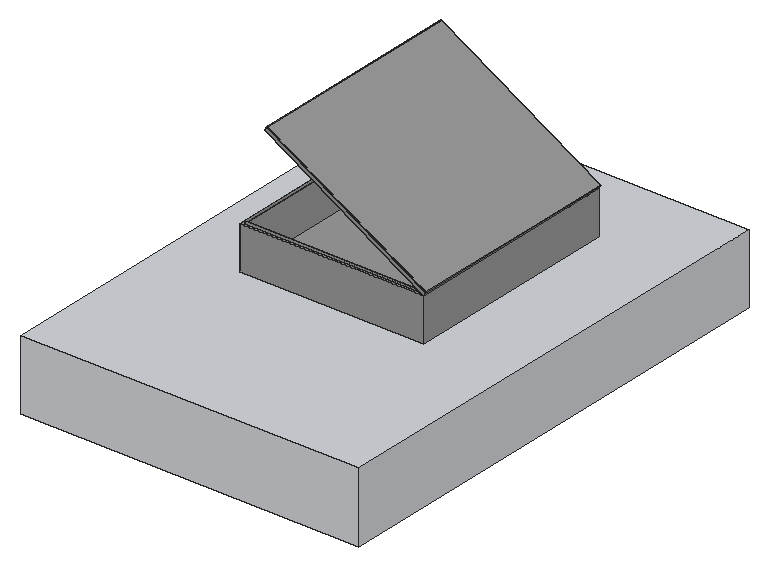
Revit family "Hager-Univers-IP54-D205-H950-Cl.II-Encl-CH-de", category Equipement électrique, Revit 2020
Family settings
  Hôte = Face
  Configuration du panneau = Deux colonnes, circuits au sein
  Cote de connecteur circulaire = Utiliser le diamètre
  Type d'élément = Tableau de raccordement
  Couper avec des vides une fois chargée = Non
  Partagée = Non
  Point de calcul de pièce = Non
Parameters (values of type "Aufputz IP54 B800 H950 T205  - FP63QSW")
  Width Control [instance] = if([EF000008 - Breite] > Min Width, [EF000008 - Breite], Min Width)  # 800 mm
  Commentaires du type = [HG000003 - Bereich]  # "Univers"
  Thickness Door [instance] = if([EF009171 - Materialstärke Tür/Deckel] > 3 mm, 3 mm, [EF009171 - Materialstärke Tür/Deckel])  # 1 mm
  Seal Frame Offset [instance] = 17 mm  # constant formula
  Plinth Visibility [instance] = [HG000027 - Sockelhöhe] > 0 mm  # no
  Model = ""
  Min Width [instance] = 100 mm  # constant formula
  Min Height [instance] = 100 mm  # constant formula
  Min Depth [instance] = (2 * [EF009170 - Materialstärke Gehäuse]) + 1 mm  # 3 mm
  Internal Frame Depth [instance] = (Door System Depth * 0.5)  # 9 mm
  Height Control [instance] = if([EF000040 - Höhe] > Min Height, [EF000040 - Höhe], Min Height)  # 950 mm
  HG000027 - Sockelhöhe = 0 mm
  HG000026 - Stehend auf dem Boden = no
  HG000024 - Höhe des unteren Teils = 800 mm
  HG000023 - Gehäuse mit doppeltem Querschnitt = no
  HG000016 - 3D-Türsichtbarkeit [instance] = yes
  HG000015 - Sichtbarkeit der Türöffnung [instance] = no
  HG000014 - Tür rechts [instance] = yes
  HG000013 - Tür links [instance] = not([HG000014 - Tür rechts])  # no
  HG000012 - Türschwenkwinkel [instance] = 30.00°
  HG000010 - Asymmetrische Türen = no
  HG000009 - Doppelflügeligen Tür = no
  HG000006 - Unterputz = no
  HG000004 - Herstellerreferenz = "FP63QSW"
  HG000003 - Bereich = "Univers"
  HG000002 - Mit tür = yes
  Frame Offset Bottom [instance] = 10 mm  # constant formula
  Frame Offset [instance] = 15 mm  # constant formula
  EF015940 - Deckel mit Überdruckentlastung = no
  EF011959 - Schutzart (NEMA) = ""
  EF009554 - Anzahl der Öffnungen für Flanschplatten = 6
  Fabricant = "Hager"  # constant formula
  EF009212 - Ausführung Deckel = "EV000116 - geschlossen"
  EF009171 - Materialstärke Tür/Deckel = 1 mm
  EF009170 - Materialstärke Gehäuse = 1 mm
  EF008873 - Nennstrom (In) = 250 A
  EF007800 - Geeignet für Blitzschutz = no
  EF006306 - Mit Schloss = no
  EF006244 - Transparenter Deckel/Tür = no
  EF005474 - Schutzart (IP) = "EV006419 - IP54"
  EF004464 - Art der Tür = "EV002646 - Einzel"
  EF004427 - Anzahl der Module = 216
  EF004293 - Schlagfestigkeit = "EV006815 - IK09"
  EF003532 - Geeignet für Außengebrauch = no
  EF002950 - Breite in Teilungseinheiten = 36
  EF001613 - Funktionserhalt = "EV000494 - ohne"
  EF001596 - Werkstoff des Gehäuses = "EV000179 - Stahl"
  EF001131 - Innentiefe = 143 mm
  EF001088 - Anbaumöglichkeit = yes
  EF000437 - Anzahl der Leitungseinführungen = 6
  EF000339 - Art der Abdeckung = "EV001012 - Deckel"
  EF000266 - Anzahl der Reihen = 6
  EF000218 - Einbautiefe = 0 mm
  EF000118 - Mit Montageplatte = no
  EF000116 - RAL-Nummer = "9010"
  EF000049 - Tiefe = 205 mm
  EF000040 - Höhe = 950 mm
  EF000008 - Breite = 800 mm
  EF000007 - Farbe = "EV000202 - weiß"
  EF000003 - Montageart = "EV000384 - Aufputz"
  Door System Leaf Tolerance [instance] = 1.5 mm  # constant formula
  Door System Depth [instance] = 18 mm  # constant formula
  Door Height [instance] = Height Control - [HG000027 - Sockelhöhe]  # 950 mm
  Depth Control [instance] = if([EF000049 - Tiefe] > Min Depth, [EF000049 - Tiefe], Min Depth)  # 205 mm
  Default Elevation = 0 mm
  Connector Offset [instance] = Height Control / 2  # 475 mm
  Bottom Top Plate Trim [instance] = 1.5 mm  # constant formula
  Plinth height Ctrl [instance] = if([HG000027 - Sockelhöhe] > 0 mm, [HG000027 - Sockelhöhe], 12 mm)  # 12 mm
Types (5, lengths in mm): name | Width Control | HG000010 - Asymmetrische Türen | HG000009 - Doppelflügeligen Tür | HG000004 - Herstellerreferenz | EF009554 - Anzahl der Öffnungen für Flanschplatten | EF004464 - Art der Tür | EF004427 - Anzahl der Module | EF002950 - Breite in Teilungseinheiten | EF001131 - Innentiefe | EF000437 - Anzahl der Leitungseinführungen | EF000339 - Art der Abdeckung | EF000008 - Breite
  Aufputz IP54 B1050 H950 T205  - FP64QSW | 1050 | no | no | "FP64QSW" | 8 | "EV003602 - Doppel" | 288 | 48 | 143 | 8 | "EV001012 - Deckel" | 1050
  Aufputz IP54 B1300 H950 T205  - FP65QSW | 1300 | yes | yes | "FP65QSW" | 10 | "EV003602 - Doppel" | 360 | 60 | 130 | 10 | "EV004216 - Tür" | 1300
  Aufputz IP54 B300 H950 T205  - FP61QSW | 300 | no | no | "FP61QSW" | 2 | "EV002646 - Einzel" | 72 | 12 | 130 | 2 | "EV004216 - Tür" | 300
  Aufputz IP54 B550 H950 T205  - FP62QSW | 550 | no | no | "FP62QSW" | 4 | "EV002646 - Einzel" | 144 | 24 | 130 | 4 | "EV001012 - Deckel" | 550
  Aufputz IP54 B800 H950 T205  - FP63QSW | 800 | no | no | "FP63QSW" | 6 | "EV002646 - Einzel" | 216 | 36 | 143 | 6 | "EV001012 - Deckel" | 800
Reference planes
  plane 1 "Center (Front/Back)": y = 0
  plane 2: z = 0
  plane 3 "Center (Left/Right)": x = 0
  plane 4: z = 205
  plane 5: y = 1
  plane 6: y = 475
  plane 7: y = 0
  plane 8: y = 950
  plane 9: z = 0
  plane 10: x = -385
  plane 11: x = 385
  plane 12: x = 384
  plane 13: x = -384
  plane 14: y = 949
  plane 15: x = -383
  plane 16: x = -400
  plane 17: x = 383
  plane 18: x = 400
  plane 19: x = 399
  plane 20: x = -399
  plane 21: y = 11
  plane 22: y = 950
  plane 23: y = 934
  plane 24: z = 187
  plane 25: z = 1
  plane 26: z = 186
  plane 27: z = 204
Forms (mm)
  Extrusion 1, solid
    sketch origin (0, 0, 0) x (1, 0, 0) y (0, 1, 0)
      loop
        line (-702.964, 1305) -> (-702.964, -811.445) -> (766.763, -811.445) -> (766.763, 1305) -> (-702.964, 1305)
    from 0 to -304.8
  Extrusion 2, solid, material "Hager_Steel_RAL7035_Light_Grey", visible <- "Plinth Visibility", detail levels medium+fine
    sketch origin (0, 0, 0) x (1, 0, 0) y (0, 1, 0)
      loop
        line (-400, 0) -> (400, 0) -> (400, 12) -> (-400, 12) -> (-400, 0)
    from 0 to 187
  Extrusion 3, solid, material "Hager_Steel_RAL7035_Light_Grey", detail levels medium+fine
    sketch origin (0, 0, 0) x (1, 0, 0) y (0, 1, 0)
      loop
        line (-400, 0) -> (400, 0) -> (400, 950) -> (-400, 950) -> (-400, 0)
    from 0 to 187
  Extrusion 4, void
    sketch origin (0, 0, 0) x (1, 0, 0) y (0, 1, 0)
      loop
        line (-399, 1) -> (399, 1) -> (399, 949) -> (-399, 949) -> (-399, 1)
    from 1 to 186
  Extrusion 5, void
    sketch origin (-381.607, -4572, 187) x (0, -1, 0) y (-1, 0, 0)
      loop
        line (-4583, 2.393) -> (-5506, 2.393) -> (-5506, -765.607) -> (-4583, -765.607) -> (-4583, 2.393)
    from 0 to 1 <- "EF009170 - Materialstärke Gehäuse"
  Extrusion 6, solid, material "Hager_Steel_RAL7035_Light_Grey", detail levels fine
    sketch origin (0, 0, 187) x (1, 0, 0) y (0, 1, 0)
      loop
        line (-384, 934) -> (-384, 11) -> (384, 11) -> (384, 934) -> (-384, 934)
      loop
        line (-385, 10) -> (385, 10) -> (385, 935) -> (-385, 935) -> (-385, 10)
    from 0 to 9 <- "Internal Frame Depth"
  Extrusion 7, solid, material "Hager_Steel_RAL7035_Light_Grey", detail levels coarse
    sketch origin (0, 0, 0) x (1, 0, 0) y (0, 1, 0)
      loop
        line (-400, 0) -> (400, 0) -> (400, 950) -> (-400, 950) -> (-400, 0)
    from 0 to 205
  Sweep 8, void
    path in 3D
      loop
        line (-400, 12, 0) -> (400, 12, 0) -> (400, 12, 187) -> (-400, 12, 187) -> (-400, 12, 0)
    profile origin (-400, 12, 93.5) x (-1, 0, 0) y (0, -1, 0)
      loop
        line (0, 0) -> (0, 1.5) -> (-1.5, 1.5)
        arc (-1.5, 1.5) -> (-1.061, 0.439) -> (0, 0) r 1.5
Cuts and joins
  Extrusion 4, Extrusion 5 cuts Extrusion 3
  Sweep 8 cuts Extrusion 2
Lines and regions (mm)
  Masking region 1
    outline origin (0, 0, 0) x (1, 0, 0) y (0, 0, 1)
      loop
        line (-400, 205) -> (-400, 0) -> (400, 0) -> (400, 205) -> (-400, 205)
  Masking region 2, detail levels medium+fine
    outline origin (0, 140, 0) x (0, 1, 0) y (0, 0, 1)
      loop
        line (-140, 0) -> (810, 0) -> (810, 187) -> (-140, 187) -> (-140, 0)
  Masking region 3, not visible, detail levels medium+fine
    outline origin (0, 297.922, 0) x (0, 1, 0) y (0, 0, 1)
      loop
        line (188.578, 0) -> (228.578, 0) -> (228.578, 194)
        arc (228.578, 194) -> (225.649, 201.071) -> (218.578, 204) r 10
        line (218.578, 204) -> (188.578, 204) -> (188.578, 0)
  Masking region 4, detail levels coarse
    outline origin (0, 0, 180) x (0, 1, 0) y (0, 0, 1)
      loop
        line (0, -180) -> (950, -180) -> (950, 25) -> (0, 25) -> (0, -180)
  Masking region 5, visible <- "Plinth Visibility", detail levels medium+fine
    outline origin (0, 52.24, 12.345) x (0, 0, -1) y (0, 1, 0)
      loop
        line (10.845, -40.24) -> (-173.155, -40.24)
        arc (-173.155, -40.24) -> (-173.594, -41.301) -> (-174.655, -41.74) r 1.5
        line (-174.655, -41.74) -> (-174.655, -52.24) -> (12.345, -52.24) -> (12.345, -41.74)
        arc (12.345, -41.74) -> (11.285, -41.301) -> (10.845, -40.24) r 1.5
  Masking region 6, detail levels medium+fine
    outline origin (-381.607, -4572, 187) x (-1, 0, 0) y (0, -1, 0)
      loop
        line (18.393, -5522) -> (18.393, -4572) -> (-781.607, -4572) -> (-781.607, -5522) -> (18.393, -5522)
  Masking region 7, visible <- "Plinth Visibility", detail levels medium+fine
    outline origin (-381.607, -4727, 187) x (-1, 0, 0) y (0, -1, 0)
      loop
        arc (16.893, -4739) -> (17.332, -4737.939) -> (18.393, -4737.5) r 1.5
        line (18.393, -4737.5) -> (18.393, -4727) -> (-781.607, -4727) -> (-781.607, -4737.5)
        arc (-781.607, -4737.5) -> (-780.546, -4737.939) -> (-780.107, -4739) r 1.5
        line (-780.107, -4739) -> (16.893, -4739)
  Masking region 8, detail levels coarse
    outline origin (-442.548, -4669.526, 187) x (-1, 0, 0) y (0, -1, 0)
      loop
        line (-42.548, -5619.526) -> (-42.548, -4669.526) -> (-842.548, -4669.526) -> (-842.548, -5619.526) -> (-42.548, -5619.526)
  sketch lines
    curve 1: line (-400, 12, 187) -> (-400, 12, 0)
    curve 2: line (400, 12, 187) -> (-400, 12, 187)
    curve 3: line (400, 12, 187) -> (400, 12, 0)
    curve 4: line (-400, 12, 0) -> (400, 12, 0)
Dimensions and locks
  "Depth Control": plane 4 to Extrusion 1
  "HG000027 - Sockelhöhe": plane 1 "Center (Front/Back)" to plane 7
  "EF009170 - Materialstärke Gehäuse": plane 5 to plane 7
  locked: connector elem to plane 3 "Center (Left/Right)"
  equal spacing: plane 8, plane 6, plane 7
  locked: connector elem to plane 6
  "EF009170 - Materialstärke Gehäuse": plane 8 to plane 14
  "EF009170 - Materialstärke Gehäuse": plane 10 to plane 13
  "EF009170 - Materialstärke Gehäuse": plane 12 to plane 11
  "Frame Offset": plane 20 to plane 13
  "Frame Offset": plane 12 to plane 19
  "EF009170 - Materialstärke Gehäuse": plane 16 to plane 20
  "EF009170 - Materialstärke Gehäuse": plane 19 to plane 18
  "Seal Frame Offset": plane 16 to plane 15
  "Seal Frame Offset": plane 17 to plane 18
  "Frame Offset Bottom": plane 21 to plane 5
  "Frame Offset": plane 14 to plane 23
  equal spacing: plane 16, plane 3 "Center (Left/Right)", plane 18
  "Width Control": plane 16 to plane 18
  "EF009170 - Materialstärke Gehäuse": plane 4 to plane 27
  "EF009170 - Materialstärke Gehäuse": plane 24 to plane 26
  "EF009170 - Materialstärke Gehäuse": plane 25 to level
  "Door System Depth": plane 4 to plane 24
  "Height Control": plane 1 "Center (Front/Back)" to Extrusion 7 sketch curve
  "Height Control": Masking region 4 sketch curve to plane 1 "Center (Front/Back)"
  "Height Control": plane 1 "Center (Front/Back)" to plane 22
  "Bottom Top Plate Trim": profile plane to Sweep 8 sketch curve
  "Bottom Top Plate Trim": Sweep 8 sketch curve to profile plane
  "Plinth height Ctrl": plane 1 "Center (Front/Back)" to Extrusion 2 sketch curve
  "Plinth height Ctrl": Masking region 5 sketch curve to plane 1 "Center (Front/Back)"
  "Plinth height Ctrl": plane 1 "Center (Front/Back)" to Masking region 7 sketch curve
  "Thickness Door": Extrusion 6 sketch curve to Extrusion 6 sketch curve  (x3)
  "Thickness Door": cut or joined group of Extrusion 3, Extrusion 4, Extrusion 5 to Extrusion 6 sketch curve
  radius of Masking region 3 sketch curve = 10 mm
  "Bottom Top Plate Trim": radius of Masking region 5 sketch curve  (x2)
  "Bottom Top Plate Trim": radius of Sweep 8 sketch curve
  "Bottom Top Plate Trim": radius of Masking region 7 sketch curve  (x2)
  aligned and locked: plane 2 to Extrusion 1
  aligned and locked: level to Extrusion 1
  aligned and locked: level to Masking region 1 sketch curve
  aligned and locked: Masking region 1 sketch curve to plane 18
  aligned and locked: Masking region 1 sketch curve to plane 16
  aligned and locked: plane 7 to Masking region 2 sketch curve
  aligned and locked: level to Masking region 3 sketch curve
  aligned and locked: Masking region 3 sketch curve to plane 27
  aligned and locked: level to Masking region 2 sketch curve
  aligned and locked: plane 1 "Center (Front/Back)" to Extrusion 2 sketch curve
  aligned and locked: Extrusion 3 sketch curve to plane 7
  aligned and locked: plane 16 to Extrusion 3 sketch curve
  aligned and locked: plane 18 to Extrusion 3 sketch curve
  aligned and locked: plane 20 to Extrusion 4 sketch curve
  aligned and locked: plane 19 to Extrusion 4 sketch curve
  aligned and locked: Extrusion 4 sketch curve to plane 5
  aligned and locked: Extrusion 4 to plane 25
  aligned and locked: plane 26 to Extrusion 4
  aligned and locked: plane 24 to Extrusion 3
  aligned and locked: Extrusion 5 sketch curve to plane 21
  aligned and locked: Extrusion 5 sketch curve to plane 13
  aligned and locked: Extrusion 5 sketch curve to plane 12
  aligned and locked: plane 18 to Extrusion 7 sketch curve
  aligned and locked: plane 1 "Center (Front/Back)" to Extrusion 7 sketch curve
  aligned and locked: plane 16 to Extrusion 7 sketch curve
  aligned and locked: plane 4 to Extrusion 7
  aligned and locked: Extrusion 7 to level
  aligned and locked: level to Masking region 4 sketch curve
  aligned and locked: Masking region 4 sketch curve to plane 1 "Center (Front/Back)"
  aligned and locked: Masking region 4 sketch curve to plane 4
  aligned and locked: nested 1 to level
  aligned and locked: nested 1 to plane 16
  aligned and locked: plane 8 to Extrusion 3 sketch curve
  aligned and locked: plane 23 to Extrusion 5 sketch curve
  aligned and locked: plane 14 to Extrusion 4 sketch curve
  aligned and locked: Masking region 2 sketch curve to plane 8
  aligned and locked: level to Masking region 5 sketch curve
  aligned and locked: plane 16 to Extrusion 2 sketch curve
  aligned and locked: plane 18 to Extrusion 2 sketch curve
  aligned and locked: Masking region 5 sketch curve to plane 24
  aligned and locked: Masking region 2 sketch curve to plane 24
  aligned and locked: plane 24 to Extrusion 2
  aligned and locked: profile plane to Sweep 8 sketch curve  (x2)
  aligned and locked: Masking region 6 sketch curve to plane 18
  aligned and locked: Masking region 6 sketch curve to plane 22
  aligned and locked: Masking region 6 sketch curve to plane 16
  aligned and locked: plane 8 to plane 22
  aligned and locked: Masking region 6 sketch curve to plane 7
  aligned and locked: Masking region 7 sketch curve to plane 16
  aligned and locked: Masking region 7 sketch curve to plane 1 "Center (Front/Back)"
  aligned and locked: Masking region 7 sketch curve to plane 18
  aligned and locked: Masking region 8 sketch curve to plane 1 "Center (Front/Back)"
  aligned and locked: Masking region 8 sketch curve to plane 18
  aligned and locked: Masking region 8 sketch curve to plane 22
  aligned and locked: Masking region 8 sketch curve to plane 16
  aligned and locked: nested 2 to plane 7
  aligned and locked: plane 3 "Center (Left/Right)" to nested 2
  aligned and locked: nested 2 to plane 24
  aligned and locked: Extrusion 6 sketch curve to cut or joined group of Extrusion 3, Extrusion 4, Extrusion 5  (x4)
Automatic sketch dimensions
  Extrusion 1 sketch curve to Extrusion 1 sketch curve = 1469.727 mm
  Extrusion 1 sketch curve to Extrusion 1 sketch curve = 2116.445 mm
  Masking region 1 sketch curve to plane 4 = 0 mm
  plane 6 to Masking region 3 sketch curve = 11.5 mm
  Masking region 3 sketch curve to Masking region 3 sketch curve = 30 mm
  Masking region 5 sketch curve to plane 1 "Center (Front/Back)" = 0 mm
Nested families
  nested 1: "Hager_Enclosure_Symbol" at (-400, 0, 0) x (1, 0, 0) z (0, -1, 0), Height <- "Depth Control", Width <- "Width Control", type "Hager_Enclosure_Symbol"
    with Width_Ctrl 800 mm, Width 800 mm, Height_Ctrl 205 mm, Height 205 mm, A_Width_Int 13.453 mm, A_Width 161.438 mm, A_Height_Ctrl 179.375 mm, A_Height 179.375 mm
  nested 2: "EC000058_Univers_Door" at (0, 0, 187) x (1, 0, 0) z (0, 1, 0), Leaf_Tolerance <- "Door System Leaf Tolerance", Angle <- "HG000012 - Türschwenkwinkel", Door_Depth <- "Door System Depth", Door_Left <- "HG000013 - Tür links", Transparent <- "EF006244 - Transparenter Deckel/Tür", Assymetrical <- "HG000010 - Asymmetrische Türen", Width <- "Width Control", Clearance <- "HG000015 - Sichtbarkeit der Türöffnung", Double <- "HG000009 - Doppelflügeligen Tür", 3d_Door <- "HG000016 - 3D-Türsichtbarkeit", Lock_Visibility <- "EF006306 - Mit Schloss", Width_Ctrl <- "Width Control", Door_Right <- "HG000014 - Tür rechts", Door <- "HG000002 - Mit tür", Height <- "Door Height", Thickness <- "Thickness Door", type "EC000058_Univers_Door", detail levels medium+fine
    with min_wh 3 mm, Width_Ctrl 800 mm, Width 800 mm, Transparent no, Thickness 1 mm, Seal_Material Hager_Rubber, Lock_Visibility no, Lock_Material Hager_Plastic_RAL9005_Jet_Black, Leaf_Width 800 mm, Leaf_Tolerance_External_Sides 0 mm, Leaf_Tolerance 1.5 mm, Leaf_Offset 0 mm, Leaf_Height 947 mm, Leaf_2_Width 800 mm, Leaf_2_Offset 400 mm, Leaf_1_Width 800 mm, Leaf_1_Offset 400 mm, Height_Ctrl 950 mm, Height 950 mm, Glass_Material Hager_Glass, Double_Clearance_Ctrl no, Double no, Door_Right_Ctrl yes, Door_Right yes, Door_Material Hager_Steel_RAL7035_Light_Grey, Door_Left_Ctrl no, Door_Left no, Door_Depth 18 mm, Door yes, Clearance_Material Hager_Clearance, Clearance_Depth 800 mm, Clearance_Ctrl no, Clearance no, Assymetrical no, Angle 30.00°, 3d_Door yes
Connectors
  electrical at (0, 475, 0)
    settings: on plane 9, index 1, voltage 0 V, apparent load 0 VA, apparent load phase1 0 VA, apparent load phase2 0 VA, apparent load phase3 0 VA, power factor 1, load classification "Other", number of poles 1, system type 30, power factor state 1, is connector primary yes, connector utility no, sub classification motor no, connector description ""
Definition of nested family "EC000058_Univers_Door"
  Parameters (values of type "EC000058_Univers_Door")
    min_wh [instance] = (2 * Thickness) + 1 mm  # 11 mm
    Width_Ctrl [instance] = 400 mm
    Width [instance] = 500 mm
    Transparent [instance] = yes
    Thickness [instance] = 5 mm
    Seal_Material [instance] = none
    Lock_Visibility [instance] = yes
    Lock_Material [instance] = none
    Leaf_Width [instance] = if((Width_Ctrl - 2 * Leaf_Tolerance_External_Sides) > 0 mm, (Width_Ctrl - 2 * Leaf_Tolerance_External_Sides), min_wh)  # 400 mm
    Leaf_Tolerance_External_Sides [instance] = 0 mm  # constant formula
    Leaf_Tolerance [instance] = 1.5 mm
    Leaf_Offset [instance] = 0 mm  # constant formula
    Leaf_Height [instance] = if((Height_Ctrl - 2 * Leaf_Tolerance) > 0 mm, (Height_Ctrl - 2 * Leaf_Tolerance), min_wh)  # 497 mm
    Leaf_2_Width [instance] = if(and(and(Double, Assymetrical), Door_Left), (Leaf_Width / 3) - (Leaf_Tolerance / 2), if(and(and(Double, Assymetrical), Door_Right), (Leaf_Width / 3) * 2 - (Leaf_Tolerance / 2), if(and(Double, not(Assymetrical)), (Leaf_Width / 2) - Leaf_Tolerance, Leaf_Width)))  # 400 mm
    Leaf_2_Offset [instance] = if(and(Double, Assymetrical), Leaf_2_Width / 2, if(and(Double, not(Assymetrical)), Leaf_Width / 4, Leaf_Width / 2))  # 200 mm
    Leaf_1_Width [instance] = if(and(and(Double, Assymetrical), Door_Right), (Leaf_Width / 3) - (Leaf_Tolerance / 2), if(and(and(Double, Assymetrical), Door_Left), (Width / 3) * 2 - (Leaf_Tolerance / 2), if(and(Double, not(Assymetrical)), (Leaf_Width / 2) - Leaf_Tolerance, Leaf_Width)))  # 400 mm
    Leaf_1_Offset [instance] = if(and(Double, Assymetrical), Leaf_1_Width / 2, if(and(Double, not(Assymetrical)), Leaf_Width / 4, Leaf_Width / 2))  # 200 mm
    Height_Ctrl [instance] = if(Height > min_wh, Height, min_wh)  # 500 mm
    Height [instance] = 500 mm
    Glass_Material [instance] = none
    Double_Clearance_Ctrl [instance] = and(Double, Clearance)  # no
    Double [instance] = no
    Door_Right_Ctrl [instance] = and(or(Door_Right, Double), Door)  # yes
    Door_Right [instance] = yes
    Door_Material [instance] = none
    Door_Left_Ctrl [instance] = and(or(Door_Left, Double), Door)  # no
    Door_Left [instance] = no
    Door_Depth [instance] = 30 mm
    Door [instance] = yes
    Default Elevation = 1219.2 mm
    Clearance_Material [instance] = none
    Clearance_Depth [instance] = if(Leaf_1_Width > Leaf_2_Width, Leaf_1_Width, Leaf_2_Width)  # 400 mm
    Clearance_Ctrl [instance] = and(not(Double), Clearance)  # yes
    Clearance [instance] = yes
    Assymetrical [instance] = yes
    Angle [instance] = 30.00°
    3d_Door [instance] = yes
  Reference planes
    plane 1 "Center (Front/Back)": y = 0
    plane 2 "Bottom": z = 0
    plane 3 "Center (Left/Right)": x = 0
    plane 4: z = 500
    plane 5: x = -200
    plane 6: x = 200
    plane 7: z = 500
    plane 8: x = -200
    plane 9: z = 0
    plane 10: x = 200
    plane 11: y = 0
    plane 12: z = 1.5
    plane 13: x = -600
    plane 14: y = -400
    plane 15: x = 600
    plane 16: x = 0
    plane 17: x = 0
    plane 18: x = -200
    plane 19: x = 200
    plane 20: z = 498.5
  Forms (mm)
    Extrusion 1, solid, material <- "Clearance_Material", visible <- "Double_Clearance_Ctrl"
      sketch origin (1200, 0, 0) x (1, 0, 0) y (0, 0, -1)
        loop
          line (-1800, -498.5) -> (-600, -498.5) -> (-600, 0) -> (-1800, 0) -> (-1800, -498.5)
      from 0 to -400
  Dimensions and locks
    equal spacing: plane 5, plane 3 "Center (Left/Right)", plane 6
    "Width_Ctrl": plane 5 to plane 6
    "Leaf_Offset": plane 5 to plane 8
    "Leaf_Offset": plane 6 to plane 10
    "Leaf_Offset": plane 9 to level
    "Leaf_Offset": plane 4 to plane 7
    "Height_Ctrl": plane 4 to level
    "Leaf_Tolerance": plane 12 to plane 9
    locked: plane 11 to plane 1 "Center (Front/Back)"
    "Leaf_1_Offset": plane 18 to plane 16
    "Leaf_2_Offset": plane 17 to plane 19
    "Leaf_1_Width": plane 13 to plane 8
    "Leaf_2_Width": plane 10 to plane 15
    "Clearance_Depth": plane 14 to plane 1 "Center (Front/Back)"
    "Leaf_Tolerance_External_Sides": plane 8 to plane 18
    "Leaf_Tolerance_External_Sides": plane 19 to plane 10
    "Leaf_Tolerance": plane 7 to plane 20
    aligned and locked: level to plane 2 "Bottom"
    aligned and locked: nested 1 to plane 16
    aligned and locked: nested 2 to plane 17
    aligned and locked: Extrusion 1 to plane 13
    aligned and locked: plane 15 to Extrusion 1
    aligned and locked: Extrusion 1 to plane 14
    aligned and locked: plane 12 to nested 1
    aligned and locked: nested 2 to plane 12
    aligned and locked: Extrusion 1 to plane 11
    aligned and locked: plane 20 to Extrusion 1
    aligned and locked: nested 2 to plane 11
    aligned and locked: nested 1 to plane 11
  Automatic sketch dimensions
    Extrusion 1 sketch curve to level = 0 mm
    plane 5 to Extrusion 1 sketch curve = 400 mm
    plane 6 to Extrusion 1 sketch curve = 400 mm
    Extrusion 1 sketch curve to plane 4 = 1.5 mm
  Nested families
    nested 1: "EC000058_Univers_Door_Leaf" at (0, 0, 1.5), Width <- "Leaf_1_Width", visible <- "Door_Left_Ctrl", Leaf_Height <- "Leaf_Height", Angle <- "Angle", 3d_Door <- "3d_Door", Transparent <- "Transparent", Clearance Material <- "Clearance_Material", Clearance <- "Clearance_Ctrl", Door_Material <- "Door_Material", Glass_Material <- "Glass_Material", Door_Depth <- "Door_Depth", Lock_Material <- "Lock_Material", Seal_Material <- "Seal_Material", Lock_Visibility <- "Lock_Visibility", Thickness <- "Thickness", type "EC000058_Univers_Door_Leaf"
      with Width 400 mm, Transparent_Glass_Offset 30 mm, Transparent_Ctrl yes, Transparent yes, Thickness 5 mm, Standard no, Seal_Material none, Seal_D2 8 mm, Seal_D1 1 mm, Offset_Internal_Frame 10 mm, Lock_Width 20 mm, Lock_Visibility_3d yes, Lock_Visibility yes, Lock_Thickness_3 3 mm, Lock_Thickness_2 1 mm, Lock_Thickness_1 3 mm, Lock_Radius_Offset_2 16 mm, Lock_Radius_Offset_1 15 mm, Lock_Radius_2 5 mm, Lock_Radius 6 mm, Lock_Offset 5 mm, Lock_Material none, Lock_Height 80 mm, Lock_Cover_Top_Offset_2d 17 mm, Lock_Cover_Height -65 mm, Leaf_Height 497 mm, Internal_Seal_Thickness 8 mm, Internal_Seal_Depth_2 4.5 mm, Internal_Frame_Depth 25 mm, Glass_Thickness -1 mm, Glass_Offset -2 mm, Glass_Material none, Door_Material none, Door_Depth 30 mm, Clearance Material none, Clearance yes, Angle_Ctrl 30.00°, Angle 30.00°, 3d_Door yes
    nested 2: "EC000058_Univers_Door_Leaf" at (0, 0, 1.5) x (-1, 0, 0) z (0, 0, 1), Width <- "Leaf_2_Width", visible <- "Door_Right_Ctrl", Leaf_Height <- "Leaf_Height", Angle <- "Angle", 3d_Door <- "3d_Door", Transparent <- "Transparent", Clearance Material <- "Clearance_Material", Clearance <- "Clearance_Ctrl", Door_Material <- "Door_Material", Glass_Material <- "Glass_Material", Door_Depth <- "Door_Depth", Lock_Material <- "Lock_Material", Seal_Material <- "Seal_Material", Lock_Visibility <- "Lock_Visibility", Thickness <- "Thickness", type "EC000058_Univers_Door_Leaf"
      with Width 400 mm, Transparent_Glass_Offset 30 mm, Transparent_Ctrl yes, Transparent yes, Thickness 5 mm, Standard no, Seal_Material none, Seal_D2 8 mm, Seal_D1 1 mm, Offset_Internal_Frame 10 mm, Lock_Width 20 mm, Lock_Visibility_3d yes, Lock_Visibility yes, Lock_Thickness_3 3 mm, Lock_Thickness_2 1 mm, Lock_Thickness_1 3 mm, Lock_Radius_Offset_2 16 mm, Lock_Radius_Offset_1 15 mm, Lock_Radius_2 5 mm, Lock_Radius 6 mm, Lock_Offset 5 mm, Lock_Material none, Lock_Height 80 mm, Lock_Cover_Top_Offset_2d 17 mm, Lock_Cover_Height -65 mm, Leaf_Height 497 mm, Internal_Seal_Thickness 8 mm, Internal_Seal_Depth_2 4.5 mm, Internal_Frame_Depth 25 mm, Glass_Thickness -1 mm, Glass_Offset -2 mm, Glass_Material none, Door_Material none, Door_Depth 30 mm, Clearance Material none, Clearance yes, Angle_Ctrl 30.00°, Angle 30.00°, 3d_Door yes
  Definition of nested family "EC000058_Univers_Door_Leaf"
    Parameters (values of type "EC000058_Univers_Door_Leaf")
      Width [instance] = 2000 mm
      Transparent_Glass_Offset [instance] = 30 mm
      Transparent_Ctrl [instance] = and(Transparent, [3d_Door])  # yes
      Transparent [instance] = yes
      Thickness [instance] = 5 mm
      Standard [instance] = and(not(Transparent), [3d_Door])  # no
      Seal_Material [instance] = none
      Seal_D2 [instance] = 8 mm  # constant formula
      Seal_D1 [instance] = 1 mm  # constant formula
      Offset_Internal_Frame [instance] = 10 mm  # constant formula
      Lock_Width [instance] = 20 mm  # constant formula
      Lock_Visibility_3d [instance] = and(Lock_Visibility, [3d_Door])  # yes
      Lock_Visibility [instance] = yes
      Lock_Thickness_3 [instance] = 3 mm  # constant formula
      Lock_Thickness_2 [instance] = 1 mm  # constant formula
      Lock_Thickness_1 [instance] = 3 mm  # constant formula
      Lock_Radius_Offset_2 [instance] = Lock_Radius_Offset_1 + 1 mm  # 16 mm
      Lock_Radius_Offset_1 [instance] = 15 mm  # constant formula
      Lock_Radius_2 [instance] = Lock_Radius - 1 mm  # 5 mm
      Lock_Radius [instance] = 6 mm  # constant formula
      Lock_Offset [instance] = 5 mm  # constant formula
      Lock_Material [instance] = none
      Lock_Height [instance] = 80 mm  # constant formula
      Lock_Cover_Top_Offset_2d [instance] = Lock_Radius_Offset_2 + 1 mm  # 17 mm
      Lock_Cover_Height [instance] = -(Lock_Height - Lock_Radius_Offset_1)  # -65 mm
      Leaf_Height [instance] = 2720.336 mm
      Internal_Seal_Thickness [instance] = 8 mm  # constant formula
      Internal_Seal_Depth_2 [instance] = 4.5 mm  # constant formula
      Internal_Frame_Depth [instance] = if(Door_Depth - Thickness > 5 mm, Door_Depth - Thickness, 5 mm)  # 25 mm
      Glass_Thickness [instance] = if(Thickness > 15 mm, Glass_Offset + 10 mm, -1 mm)  # -1 mm
      Glass_Offset [instance] = if(Thickness > 15 mm, -(Thickness + 10 mm) / 2, -2 mm)  # -2 mm
      Glass_Material [instance] = none
      Door_Material [instance] = none
      Door_Depth [instance] = 30 mm
      Default Elevation = 0 mm
      Clearance Material [instance] = none
      Clearance [instance] = yes
      Angle_Ctrl [instance] = if(Angle > 180.00°, 180.00°, Angle)  # 90.00°
      Angle [instance] = 90.00°
      3d_Door [instance] = yes
    Reference planes
      plane 1 "Center (Front/Back)": y = 0
      plane 2: z = 0
      plane 3 "Center (Left/Right)": x = 0
      plane 4: y = 2000
      plane 5: x = -1000
      plane 6: x = 1000
      plane 7: x = -3000
      plane 8: z = 2720.336
      plane 9: z = 30
      plane 10: z = 2690.336
      plane 11: x = 970
      plane 12: x = -970
      plane 13: y = -3
      plane 14: z = 107.833
      plane 15: y = -5
      plane 16: y = -223.314
      plane 17: x = -1000
      plane 18: z = 1360.168
      plane 19: y = 30
    Forms (mm)
      Extrusion 1, solid, material <- "Clearance Material", visible <- "Clearance"
        sketch origin (0, 0, 0) x (1, 0, 0) y (0, 0, 1)
          loop
            line (-3000, 2720.336) -> (-3000, 0) -> (1000, 0) -> (1000, 2720.336) -> (-3000, 2720.336)
        from 0 to -2000
      Extrusion 2, solid, material <- "Door_Material", visible <- "Standard", detail levels medium+fine
        sketch origin (-1000, 0, 0) x (0, 1, 0) y (-1, 0, 0)
          loop
            line (0, 30) -> (0, 25) -> (2000, 25) -> (2000, 30) -> (0, 30)
        from 0 to 2720.336 <- "Leaf_Height"
      Extrusion 3, solid, material <- "Door_Material", visible <- "Transparent_Ctrl", detail levels medium+fine
        sketch origin (-1000, 0, 0) x (0, 1, 0) y (-1, 0, 0)
          loop
            line (0, 25) -> (2000, 25) -> (2000, 30) -> (0, 30) -> (0, 25)
        from 0 to 2720.336 <- "Leaf_Height"
      Extrusion 4, void
        sketch origin (-1025, 2000, 0) x (0, 1, 0) y (0, 0, -1)
          loop
            line (-30, -2690.336) -> (-30, -30) -> (-1970, -30) -> (-1970, -2690.336) -> (-30, -2690.336)
        from 0 to 5 <- "Thickness"
      Sweep 5, solid, material <- "Seal_Material", visible <- "Transparent_Ctrl", detail levels fine
        path in 3D
          loop
            line (-1025, 30, 30) -> (-1025, 30, 2690.336) -> (-1025, 1970, 2690.336) -> (-1025, 1970, 30) -> (-1025, 30, 30)
        profile origin (-1025, 1000, 30) x (1, 0, 0) y (0, 0, 1)
          loop
            line (0, 0) -> (0, -8) -> (1, -8) -> (1, 0) -> (0, 0)
      Extrusion 6, solid, material <- "Glass_Material", visible <- "Transparent_Ctrl", detail levels medium+fine
        sketch origin (-1030, 0, 0) x (0, 1, 0) y (0, 0, -1)
          loop
            line (1970, -2690.336) -> (1970, -30) -> (30, -30) -> (30, -2690.336) -> (1970, -2690.336)
        from -2 <- "Glass_Offset" to -1 <- "Glass_Thickness"
      Extrusion 7, solid, material <- "Door_Material", visible <- "3d_Door", detail levels medium+fine
        sketch origin (-1025, 2000, 0) x (0, -1, 0) y (0, 0, -1)
          loop
            line (0, -2720.336) -> (2000, -2720.336) -> (2000, 0) -> (0, 0) -> (0, -2720.336)
          loop
            line (1995, -5) -> (5, -5) -> (5, -2715.336) -> (1995, -2715.336) -> (1995, -5)
        from 0 to 25 <- "Internal_Frame_Depth"
      Sweep 8, solid, material <- "Seal_Material", visible <- "Transparent_Ctrl", detail levels fine
        path in 3D
          loop
            line (-1025, 0, 0) -> (-1025, 2000, 0) -> (-1025, 2000, 2720.336) -> (-1025, 0, 2720.336) -> (-1025, 0, 0)
        profile origin (-1025, 0, 1360.168) x (1, 0, 0) y (0, 1, 0)
          loop
            line (0, 10) -> (2.975, 10)
            arc (2.975, 10) -> (4.053, 10.447) -> (4.5, 11.525) r 1.525
            line (4.5, 11.525) -> (4.5, 16.527)
            arc (4.5, 16.527) -> (4.069, 17.569) -> (3.027, 18) r 1.473
            line (3.027, 18) -> (0, 18) -> (0, 10)
      Extrusion 9, solid, material <- "Lock_Material", visible <- "Lock_Visibility_3d", detail levels fine
        sketch origin (-1030, 0, 0) x (0, 1, 0) y (0, 0, -1)
          loop
            arc (1993.5, -1400.168) -> (1994.561, -1399.729) -> (1995, -1398.668) r 1.5
            line (1995, -1398.668) -> (1995, -1320.168) -> (1975, -1320.168) -> (1975, -1398.668)
            arc (1975, -1398.668) -> (1975.439, -1399.729) -> (1976.5, -1400.168) r 1.5
            line (1976.5, -1400.168) -> (1993.5, -1400.168)
        from 3 <- "Lock_Thickness_1" to 0
      Blend 10, solid, material <- "Lock_Material", visible <- "Lock_Visibility_3d", detail levels fine
        base sketch origin (-1033, 0, 0) x (0, 1, 0) y (0, 0, -1)
          loop
            line (1975, -1320.168) -> (1975, -1398.668)
            arc (1975, -1398.668) -> (1975.439, -1399.729) -> (1976.5, -1400.168) r 1.5
            line (1976.5, -1400.168) -> (1993.5, -1400.168)
            arc (1993.5, -1400.168) -> (1994.561, -1399.729) -> (1995, -1398.668) r 1.5
            line (1995, -1398.668) -> (1995, -1320.168) -> (1975, -1320.168)
        top sketch origin (-1033, 0, 0) x (0, 1, 0) y (0, 0, -1)
          loop
            line (1976, -1320.168) -> (1976, -1398.668)
            arc (1976, -1398.668) -> (1976.146, -1399.022) -> (1976.5, -1399.168) r 0.5
            line (1976.5, -1399.168) -> (1993.5, -1399.168)
            arc (1993.5, -1399.168) -> (1993.854, -1399.022) -> (1994, -1398.668) r 0.5
            line (1994, -1398.668) -> (1994, -1320.168) -> (1976, -1320.168)
        from 0 to 1 <- "Lock_Thickness_2"
      Blend 11, solid, material <- "Lock_Material", visible <- "Lock_Visibility_3d", detail levels fine
        base sketch origin (-1034, 0, 0) x (0, 1, 0) y (0, 0, -1)
          loop
            line (1978, -1320.168) -> (1978, -1384.168)
            arc (1978, -1384.168) -> (1985, -1391.168) -> (1992, -1384.168) r 7
            line (1992, -1384.168) -> (1992, -1320.168) -> (1978, -1320.168)
        top sketch origin (-1034, 0, 0) x (0, 1, 0) y (0, 0, -1)
          loop
            line (1991, -1320.168) -> (1979, -1320.168) -> (1979, -1383.168)
            arc (1979, -1383.168) -> (1985, -1389.168) -> (1991, -1383.168) r 6
            line (1991, -1383.168) -> (1991, -1320.168)
        from 0 to 3 <- "Lock_Thickness_3"
      Extrusion 12, solid, material <- "Lock_Material", visible <- "Lock_Visibility_3d", detail levels fine
        sketch origin (-1030, 1975, 1320.168) x (1, 0, 0) y (0, -1, 0)
          loop
            line (-7, -19) -> (-7, -1) -> (0, -1) -> (0, 0) -> (-8, 0) -> (-8, -20) -> (0, -20) -> (0, -19) -> (-7, -19)
        from 0 to -65 <- "Lock_Cover_Height"
      Extrusion 13, void
        sketch origin (-1038, 1995, 1320.168) x (-1, 0, 0) y (0, 0, -1)
          loop
            line (-5, -65) -> (0, -65) -> (-5, -60) -> (-5, -65)
        from 0 to 20 <- "Lock_Width"
      Extrusion 14, void
        sketch origin (-1038, 1975, 1320.168) x (0, -1, 0) y (0, 0, -1)
          loop
            circle (-10, -15.995) r 6
          loop
            circle (-10, -15.995) r 5
        from 0 to 2
      Extrusion 15, solid, material <- "Lock_Material", visible <- "Lock_Visibility_3d", detail levels medium
        sketch origin (-1030, 0, 0) x (0, 1, 0) y (0, 0, -1)
          loop
            arc (1993.5, -1400.168) -> (1994.561, -1399.729) -> (1995, -1398.668) r 1.5
            line (1995, -1398.668) -> (1995, -1320.168) -> (1975, -1320.168) -> (1975, -1398.668)
            arc (1975, -1398.668) -> (1975.439, -1399.729) -> (1976.5, -1400.168) r 1.5
            line (1976.5, -1400.168) -> (1993.5, -1400.168)
        from 8 to 0
    Cuts and joins
      Extrusion 4 cuts Extrusion 3
      Extrusion 13, Extrusion 14 cuts Extrusion 9
      Extrusion 14 cuts Blend 11
      Extrusion 13, Extrusion 14 cuts Extrusion 12
      joined: Extrusion 9, Blend 10, Blend 11, Extrusion 12
      Extrusion 14 cuts Extrusion 15
    Lines and regions (mm)
      Masking region 1, visible <- "Lock_Visibility", detail levels fine
        outline origin (0, 0, 0) x (0, 1, 0) y (0, 0, 1)
          loop
            line (30, 1320.168) -> (33, 1320.168) -> (33, 1400.168) -> (30, 1400.168) -> (30, 1320.168)
      Masking region 2, visible <- "Lock_Visibility", detail levels fine
        outline origin (0, 3.143, 0) x (0, 1, 0) y (0, 0, 1)
          loop
            line (29.857, 1354.168) -> (30.857, 1354.168) -> (30.857, 1366.168) -> (29.857, 1366.168) -> (29.857, 1354.168)
      Masking region 3, detail levels medium+fine
        outline origin (0, 0, 0) x (0, 1, 0) y (0, 0, 1)
          loop
            line (0, 0) -> (30, 0) -> (30, 2720.336) -> (0, 2720.336) -> (0, 0)
      Masking region 4, detail levels medium+fine
        outline origin (0, 0, 0) x (1, 0, 0) y (0, 0, 1)
          loop
            line (-1000, 2720.336) -> (-1000, 0) -> (1000, 0) -> (1000, 2720.336) -> (-1000, 2720.336)
      Masking region 5, visible <- "Lock_Visibility", detail levels fine
        outline origin (-47.116, 0, 0) x (1, 0, 0) y (0, 0, 1)
          loop
            arc (1024.616, 1399.168) -> (1023.556, 1398.729) -> (1023.116, 1397.668) r 1.5
            line (1023.116, 1397.668) -> (1023.116, 1320.168) -> (1041.116, 1320.168) -> (1041.116, 1397.668)
            arc (1041.116, 1397.668) -> (1040.677, 1398.729) -> (1039.616, 1399.168) r 1.5
            line (1039.616, 1399.168) -> (1024.616, 1399.168)
      Masking region 6, visible <- "Lock_Visibility", detail levels medium+fine
        outline origin (-25, 0, 0) x (1, 0, 0) y (0, 0, 1)
          loop
            arc (1001.5, 1400.168) -> (1000.439, 1399.729) -> (1000, 1398.668) r 1.5
            line (1000, 1398.668) -> (1000, 1320.168) -> (1020, 1320.168) -> (1020, 1398.668)
            arc (1020, 1398.668) -> (1019.561, 1399.729) -> (1018.5, 1400.168) r 1.5
            line (1018.5, 1400.168) -> (1001.5, 1400.168)
      Masking region 7, visible <- "Lock_Visibility", detail levels fine
        outline origin (-73.735, 0, 0) x (1, 0, 0) y (0, 0, 1)
          loop
            line (1051.735, 1382.168) -> (1065.735, 1382.168) -> (1065.735, 1384.168)
            arc (1065.735, 1384.168) -> (1058.735, 1391.168) -> (1051.735, 1384.168) r 7
            line (1051.735, 1384.168) -> (1051.735, 1382.168)
      Masking region 8, visible <- "Lock_Visibility", detail levels fine
        outline origin (-73.735, 0, 0) x (1, 0, 0) y (0, 0, 1)
          loop
            line (1052.735, 1382.168) -> (1064.735, 1382.168) -> (1064.735, 1383.168)
            arc (1064.735, 1383.168) -> (1058.735, 1389.168) -> (1052.735, 1383.168) r 6
            line (1052.735, 1383.168) -> (1052.735, 1382.168)
      Masking region 9, visible <- "Lock_Visibility", detail levels fine
        outline origin (-25, 0, 0) x (1, 0, 0) y (0, 0, 1)
          loop
            line (1020, 1320.168) -> (1020, 1382.168) -> (1000, 1382.168) -> (1000, 1320.168) -> (1020, 1320.168)
      Masking region 10, detail levels medium+fine
        outline origin (0, 0, 0) x (1, 0, 0) y (0, 0, 1)
          loop
            circle (985, 1335.144) r 6
      Masking region 11, detail levels fine
        outline origin (0, 0, 0) x (1, 0, 0) y (0, 0, 1)
          loop
            circle (985, 1335.144) r 5
      Masking region 12, visible <- "Lock_Visibility", detail levels fine
        outline origin (0, 12.767, 0) x (0, 1, 0) y (0, 0, 1)
          loop
            line (20.233, 1320.168) -> (21.233, 1320.168) -> (21.233, 1399.168) -> (20.233, 1400.168) -> (20.233, 1320.168)
      Masking region 13, visible <- "Lock_Visibility", detail levels fine
        outline origin (0, 13.767, -10) x (0, 1, 0) y (0, 0, 1)
          loop
            line (20.233, 1330.168) -> (23.233, 1330.168) -> (23.233, 1399.168) -> (20.233, 1402.168) -> (20.233, 1330.168)
      Masking region 14, visible <- "Lock_Visibility", detail levels fine
        outline origin (0, 12.767, -10) x (0, 1, 0) y (0, 0, 1)
          loop
            line (20.233, 1330.168) -> (25.233, 1330.168) -> (25.233, 1399.305) -> (20.233, 1394.305) -> (20.233, 1330.168)
      Masking region 15, visible <- "Lock_Visibility", detail levels medium
        outline origin (0, 0, 0) x (0, 1, 0) y (0, 0, 1)
          loop
            line (30, 1320.168) -> (38, 1320.168) -> (38, 1400.168) -> (30, 1400.168) -> (30, 1320.168)
      Masking region 16, visible <- "Lock_Visibility", detail levels fine
        outline origin (-1000, 0, 0) x (0, 1, 0) y (-1, 0, 0)
          loop
            line (1975, 30) -> (1995, 30) -> (1995, 38) -> (1975, 38) -> (1975, 30)
          loop
            line (1979, 37) -> (1976, 37) -> (1976, 34) -> (1978, 34) -> (1979, 37)
          loop
            line (1994, 37) -> (1991, 37) -> (1992, 34) -> (1994, 34) -> (1994, 37)
      Masking region 17, visible <- "Lock_Visibility", detail levels medium
        outline origin (-1000, 0, 0) x (0, 1, 0) y (-1, 0, 0)
          loop
            line (1975, 30) -> (1995, 30) -> (1995, 38) -> (1975, 38) -> (1975, 30)
      symbolic lines
        curve 1: line (1000, 0, 0) -> (-3000, 0, 0)
        curve 2: arc (1000, 0, 0) -> (-1000, 2000, 0) -> (-3000, 0, 0) r 2000
        curve 4: line (-1030, 0, 0) -> (-1030, 2000, 0)
      reference lines
        curve 3: line (-1000, 0, 0) -> (-1000, 2000, 0)
      symbolic lines, detail levels medium+fine
        curve 5: line (-1030, 2000, 0) -> (-1025, 2000, 0)
        curve 7: line (-1025, 0, 0) -> (-1030, 0, 0)
        curve 8: line (-1025, 0, 0) -> (-1000, 0, 0)
        curve 9: line (-1000, 0, 0) -> (-1000, 2000, 0)
        curve 10: line (-1000, 2000, 0) -> (-1025, 2000, 0)
      symbolic lines, detail levels fine
        curve 6: line (-1025, 2000, 0) -> (-1025, 0, 0)
      sketch lines
        curve 11: line (-1025, 0, 2720.336) -> (-1025, 0, 0)
        curve 12: line (-1025, 2000, 0) -> (-1025, 0, 0)
        curve 13: line (-1025, 2000, 2720.336) -> (-1025, 2000, 0)
        curve 14: line (-1025, 0, 2720.336) -> (-1025, 2000, 2720.336)
        curve 15: line (-1025, 1970, 30) -> (-1025, 30, 30)
        curve 16: line (-1025, 30, 30) -> (-1025, 30, 2690.336)
        curve 17: line (-1025, 1970, 2690.336) -> (-1025, 1970, 30)
        curve 18: line (-1025, 30, 2690.336) -> (-1025, 1970, 2690.336)
      symbolic lines, visible <- "Transparent", detail levels medium+fine
        curve 19: line (-970, 0, 2690.336) -> (970, 0, 2690.336)
        curve 20: line (-970, 0, 30) -> (-970, 0, 2690.336)
        curve 21: line (970, 0, 30) -> (-970, 0, 30)
        curve 22: line (970, 0, 2690.336) -> (970, 0, 30)
    Dimensions and locks
      "Width": plane 1 "Center (Front/Back)" to plane 4
      equal spacing: plane 5, plane 3 "Center (Left/Right)", plane 6
      "Width": plane 5 to plane 6
      "Width": plane 7 to plane 5
      "Leaf_Height": plane 8 to level
      "Width": curve 5 to curve 3
      "Width": curve 3 to curve 3
      plane 8 to plane 10 = 30 mm
      plane 9 to level = 30 mm
      plane 12 to plane 5 = 30 mm
      plane 6 to plane 11 = 30 mm
      Extrusion 1 to Extrusion 4 sketch curve = 30 mm
      "Transparent_Glass_Offset": curve 3 to Extrusion 4 sketch curve
      "Transparent_Glass_Offset": Extrusion 4 sketch curve to cut or joined group of Extrusion 3, Extrusion 4  (x2)
      cut or joined group of Extrusion 3, Extrusion 4 to Extrusion 6 sketch curve = 30 mm
      "Transparent_Glass_Offset": cut or joined group of Extrusion 3, Extrusion 4 to Extrusion 4 sketch curve
      "Thickness": curve 6 to curve 4
      "Thickness": Extrusion 7 sketch curve to Extrusion 7 sketch curve  (x4)
      "Door_Depth": curve 4 to curve 3
      "Offset_Internal_Frame": profile plane to Sweep 8 sketch curve
      "Internal_Seal_Thickness": Sweep 8 sketch curve to Sweep 8 sketch curve
      "Internal_Seal_Depth_2": profile plane to Sweep 8 sketch curve
      "Seal_D1": profile plane to Sweep 5 sketch curve
      "Seal_D2": profile plane to Sweep 5 sketch curve
      "Thickness": Extrusion 2 sketch curve to Extrusion 2 sketch curve
      equal spacing: Extrusion 9 sketch curve, plane 18, Extrusion 9 sketch curve  (x2)
      equal spacing: Masking region 1 sketch curve, plane 18, Masking region 1 sketch curve
      "Lock_Height": Masking region 1 sketch curve to Masking region 1 sketch curve
      "Lock_Radius": Masking region 2 sketch curve to plane 18 to Masking region 2 sketch curve
      Masking region 2 sketch curve to Masking region 1 = 1 mm
      "Door_Depth": plane 19 to plane 1 "Center (Front/Back)"
      "Lock_Thickness_1": Masking region 1 sketch curve to plane 19
      "Lock_Width": Extrusion 9 sketch curve to Extrusion 9 sketch curve
      "Lock_Height": Extrusion 9 sketch curve to Extrusion 9 sketch curve
      "Lock_Offset": cut or joined group of Extrusion 3, Extrusion 4 to Extrusion 9 sketch curve
      equal spacing: plane 8, plane 18, level
      "Lock_Radius_Offset_1": Blend 11 sketch curve to Blend 10
      locked: Blend 10 to Blend 11 sketch curve at 2  (x2)
      locked: var sketch to Blend 11 sketch curve at 1  (x2)
      "Lock_Radius_Offset_2": Blend 11 sketch curve to Blend 10
      locked: Extrusion 12 sketch curve to Extrusion 12 sketch curve at 1  (x3)
      Masking region 6 sketch curve to Masking region 6 sketch curve = 80 mm
      "Lock_Height": Masking region 6 sketch curve to Masking region 6 sketch curve
      "Lock_Width": Masking region 6 sketch curve to Masking region 6 sketch curve
      locked: Masking region 6 to Masking region 5 sketch curve at 1  (x3)
      locked: Masking region 5 to Masking region 7 sketch curve at 2  (x2)
      "Lock_Radius_Offset_1": Masking region 5 to Masking region 7 sketch curve
      "Lock_Radius_Offset_2": Masking region 5 to Masking region 8 sketch curve
      locked: Masking region 7 to Masking region 8 sketch curve at 1  (x2)
      "Lock_Cover_Top_Offset_2d": Masking region 5 to Masking region 9 sketch curve
      equal spacing: Masking region 9, Masking region 10 sketch curve, Masking region 9
      equal spacing: Masking region 9, Masking region 11 sketch curve, Masking region 9
      Extrusion 15 sketch curve to Extrusion 15 sketch curve = 80 mm
      "Lock_Width": Extrusion 15 sketch curve to Extrusion 15 sketch curve
      "Lock_Height": Extrusion 15 sketch curve to Extrusion 15 sketch curve
      equal spacing: Extrusion 15 sketch curve, plane 18, Extrusion 15 sketch curve
      "Lock_Thickness_3": Masking region 13 sketch curve to Masking region 13 sketch curve
      "Lock_Height": Masking region 12 sketch curve to Masking region 12 sketch curve
      locked: Masking region 13 sketch curve to Masking region 1 at 8
      locked: Masking region 14 sketch curve to Masking region 13 at 1
      locked: Masking region 14 sketch curve to Masking region 1 at 10.863
      "Lock_Height": Masking region 15 sketch curve to Masking region 15 sketch curve
      "Lock_Offset": Extrusion 15 sketch curve to cut or joined group of Extrusion 3, Extrusion 4
      "Lock_Offset": plane 6 to Masking region 6 sketch curve
      radius of Sweep 8 sketch curve = 1.525 mm
      radius of Sweep 8 sketch curve = 1.473 mm
      radius of Extrusion 9 sketch curve = 1.5 mm  (x2)
      "Lock_Radius": radius of Extrusion 14 sketch curve
      "Lock_Radius_2": radius of Extrusion 14 sketch curve
      "Lock_Radius": radius of Masking region 10 sketch curve
      "Lock_Radius_2": radius of Masking region 11 sketch curve
      radius of Extrusion 15 sketch curve = 1.5 mm  (x2)
      "Angle_Ctrl": angle plane 1 "Center (Front/Back)" to curve 3
      locked: Masking region 12 sketch curve to Masking region 12 sketch curve (angle 45.00°)
      locked: Masking region 13 sketch curve to Masking region 13 sketch curve (angle 45.00°)
      locked: Masking region 14 sketch curve to Masking region 14 sketch curve (angle 45.00°)
      aligned and locked: level to plane 2
      aligned and locked: Extrusion 1 to curve 1
      aligned and locked: plane 6 to Extrusion 1
      aligned and locked: Extrusion 1 to plane 1 "Center (Front/Back)"
      aligned and locked: plane 4 to Extrusion 1
      aligned and locked: plane 8 to Extrusion 1
      aligned and locked: curve 7 to Extrusion 2 sketch curve
      aligned and locked: curve 5 to Extrusion 2 sketch curve
      aligned and locked: curve 7 to Extrusion 3 sketch curve
      aligned and locked: Extrusion 3 sketch curve to curve 4
      aligned and locked: Extrusion 3 sketch curve to curve 6
      aligned and locked: Extrusion 3 sketch curve to curve 5
      aligned and locked: curve 9 to curve 3
      aligned and locked: Extrusion 7 sketch curve to cut or joined group of Extrusion 3, Extrusion 4  (x4)
      aligned and locked: plane 17 to curve 3
      aligned and locked: plane 1 "Center (Front/Back)" to curve 3
      aligned and locked: plane 17 to plane 5
      aligned and locked: Sweep 8 sketch curve to profile plane
      aligned and locked: Sweep 5 sketch curve to profile plane  (x2)
      aligned and locked: Masking region 1 to Masking region 2 sketch curve
      aligned and locked: plane 19 to Masking region 1 sketch curve
      aligned and locked: plane 1 "Center (Front/Back)" to Masking region 3 sketch curve
      aligned and locked: plane 19 to Masking region 3 sketch curve
      aligned and locked: level to Masking region 3 sketch curve
      aligned and locked: Masking region 3 sketch curve to plane 8
      aligned and locked: plane 17 to Masking region 4 sketch curve
      aligned and locked: level to Masking region 4 sketch curve
      aligned and locked: Masking region 4 sketch curve to plane 8
      aligned and locked: plane 12 to curve 20
      aligned and locked: plane 10 to curve 19
      aligned and locked: plane 11 to curve 22
      aligned and locked: curve 21 to plane 9
      aligned and locked: Extrusion 2 sketch curve to cut or joined group of Extrusion 3, Extrusion 4
      aligned and locked: Blend 10 sketch curve to Extrusion 9  (x4)
      aligned and locked: Extrusion 9 to Blend 10 sketch curve
      aligned and locked: Blend 10 to Blend 11 sketch curve
      aligned and locked: Extrusion 12 sketch curve to Blend 11
      aligned and locked: Extrusion 12 sketch curve to Extrusion 9  (x4)
      aligned and locked: Masking region 5 sketch curve to Masking region 6
      aligned and locked: Masking region 9 sketch curve to Masking region 6  (x3)
      aligned and locked: Masking region 12 sketch curve to Masking region 1
      aligned and locked: Masking region 13 sketch curve to Masking region 1
      aligned and locked: Masking region 12 to Masking region 14
      aligned and locked: Masking region 14 sketch curve to Masking region 1
      aligned and locked: Masking region 15 sketch curve to Masking region 14
      aligned and locked: Masking region 13 sketch curve to Masking region 12
      aligned and locked: Masking region 16 sketch curve to cut or joined group of Extrusion 14, Extrusion 15  (x4)
      aligned and locked: Masking region 16 sketch curve to cut or joined group of Extrusion 9, Blend 10, Blend 11, Extrusion 12, Extrusion 13, Extrusion 14  (x6)
      aligned and locked: cut or joined group of Extrusion 9, Blend 10, Blend 11, Extrusion 12, Extrusion 13, Extrusion 14 to Masking region 16 sketch curve
      aligned and locked: Masking region 17 sketch curve to cut or joined group of Extrusion 14, Extrusion 15  (x3)
      aligned and locked: Masking region 17 sketch curve to cut or joined group of Extrusion 9, Blend 10, Blend 11, Extrusion 12, Extrusion 13, Extrusion 14
      aligned and locked: Masking region 9 to Masking region 8 sketch curve
      aligned and locked: Masking region 9 to Masking region 7 sketch curve
    Automatic sketch dimensions
      plane 1 "Center (Front/Back)" to curve 2 = 0 mm
      curve 2 to plane 5 = 0 mm
      Extrusion 1 sketch curve to level = 0 mm
      Extrusion 1 sketch curve to plane 7 = 0 mm
      Extrusion 1 sketch curve to plane 6 = 0 mm
      Extrusion 1 sketch curve to plane 8 = 0 mm
      Extrusion 3 to Extrusion 6 sketch curve = 30 mm  (x4)
      Masking region 4 sketch curve to plane 6 = 0 mm
      Blend 10 sketch curve to Extrusion 9 = 1.5 mm
      Blend 10 sketch curve to Extrusion 9 = 1 mm
      Extrusion 13 sketch curve to Extrusion 12 = 0 mm  (x2)
      Extrusion 12 to Extrusion 13 sketch curve = 3 mm
      Extrusion 13 sketch curve to Extrusion 12 = 5 mm
      Extrusion 14 sketch curve to Extrusion 14 sketch curve = 0 mm  (x2)
      Extrusion 14 sketch curve to Extrusion 12 = 10 mm
      Extrusion 14 sketch curve to Extrusion 12 = 15.995 mm
      Masking region 5 sketch curve to Masking region 5 sketch curve = 1.5 mm  (x2)
      Masking region 10 sketch curve to plane 18 = 25.024 mm
      Masking region 11 sketch curve to plane 18 = 25.024 mm
      plane 19 to Masking region 14 sketch curve = 3 mm
      Masking region 16 sketch curve to Masking region 16 sketch curve = 3 mm
      curve 4 to curve 3 = 0 mm
      Blend 10 to Blend 11 sketch curve = 0 mm
      Masking region 6 sketch curve to Masking region 6 sketch curve = 1.5 mm  (x2)
      Masking region 6 sketch curve to plane 18 = 40 mm
      plane 19 to Masking region 12 sketch curve = 3 mm
      Masking region 12 sketch curve to Masking region 12 sketch curve = 1 mm
      Masking region 15 sketch curve to plane 19 = 0 mm
      Masking region 15 sketch curve to plane 18 = 40 mm
      radius of Blend 10 sketch curve to Extrusion 9 = 1 mm
Definition of nested family "Hager_Enclosure_Symbol"
  Parameters (values of type "Hager_Enclosure_Symbol")
    Width_Ctrl [instance] = if(Width > 1 mm, Width, 1 mm)  # 102.27 mm
    Width [instance] = 102.27 mm
    Height_Ctrl [instance] = if(Height > 1 mm, Height, 1 mm)  # 66.5 mm
    A_Width_Int [instance] = if(A_Width / 12 > 2 mm, A_Width / 12, 2 mm)  # 4.364 mm
    A_Width [instance] = if(A_Height_Ctrl * 0.9 > 2 mm, A_Height_Ctrl * 0.9, 2 mm)  # 52.369 mm
    A_Height_Ctrl [instance] = if(A_Height > 2 mm, A_Height, 2 mm)  # 58.188 mm
    Height [instance] = 66.5 mm
    A_Height [instance] = Height - (Height / 8)  # 58.188 mm
  Reference planes
    plane 1 "Centre (avant/arrière)": y = 0
    plane 2: z = 0
    plane 3 "Centre (gauche/droite)": x = 0
    plane 4: x = 52.369
    plane 5: y = 33.042
    plane 6: y = 41.77
    plane 7: y = 66.5
    plane 8: x = 26.184
    plane 9: y = 37.406
    plane 10: x = 102.27
    plane 11: y = 66.5
    plane 12: y = 8.313
  Lines and regions (mm)
    Filled region 1, type "Solid_Black", in view "Niveau de réf."
      outline origin (0, 0, 0) x (1, 0, 0) y (0, 1, 0)
        loop
          line (52.369, 66.5) -> (33.188, 54.536) -> (45.365, 45.006) -> (52.369, 66.5)
    Filled region 2, type "Solid_Black", in view "Niveau de réf."
      outline origin (0, 0, 0) x (1, 0, 0) y (0, 1, 0)
        loop
          line (0, 0) -> (102.27, 0) -> (102.27, 66.5) -> (0, 0)
    detail lines, in view "Niveau de réf."
      curve 1: line (0, 8.313, 0) -> (26.184, 41.77, 0)
      curve 2: line (26.184, 41.77, 0) -> (26.184, 33.042, 0)
      curve 3: line (26.184, 33.042, 0) -> (52.369, 66.5, 0)
  Dimensions and locks
    "A_Width": plane 3 "Centre (gauche/droite)" to plane 4
    equal spacing: plane 3 "Centre (gauche/droite)", plane 8, plane 4
    equal spacing: plane 6, plane 9, plane 5
    equal spacing: curve 3, Filled region 1 sketch curve, Filled region 1 sketch curve
    "Height_Ctrl": plane 1 "Centre (avant/arrière)" to plane 11
    "A_Height_Ctrl": plane 11 to plane 12
    equal spacing: plane 11, plane 9, plane 12
    "A_Width_Int": plane 6 to plane 9
    "Width_Ctrl": plane 3 "Centre (gauche/droite)" to plane 10
    angle Filled region 1 sketch curve to curve 3 = 20.00°
    angle curve 3 to Filled region 1 sketch curve = 20.00°
    locked: curve 3 to Filled region 1 sketch curve (angle 90.00°)
    aligned and locked: plane 10 to Filled region 2
    aligned and locked: plane 11 to Filled region 2 sketch curve
    aligned and locked: plane 10 to Filled region 2 sketch curve
    aligned and locked: plane 3 "Centre (gauche/droite)" to curve 1
    aligned and locked: plane 12 to curve 1
    aligned and locked: plane 7 to plane 11
  Automatic sketch dimensions
    Filled region 1 sketch curve to plane 4 = 0 mm
    Filled region 1 sketch curve to plane 7 = 0 mm
    plane 1 "Centre (avant/arrière)" to Filled region 2 sketch curve = 0 mm
    Filled region 2 sketch curve to plane 3 "Centre (gauche/droite)" = 0 mm
    curve 2 to plane 6 = 0 mm
    curve 2 to plane 8 = 0 mm
    curve 3 to plane 4 = 0 mm
    curve 2 to plane 5 = 0 mm
    curve 3 to plane 7 = 0 mm
